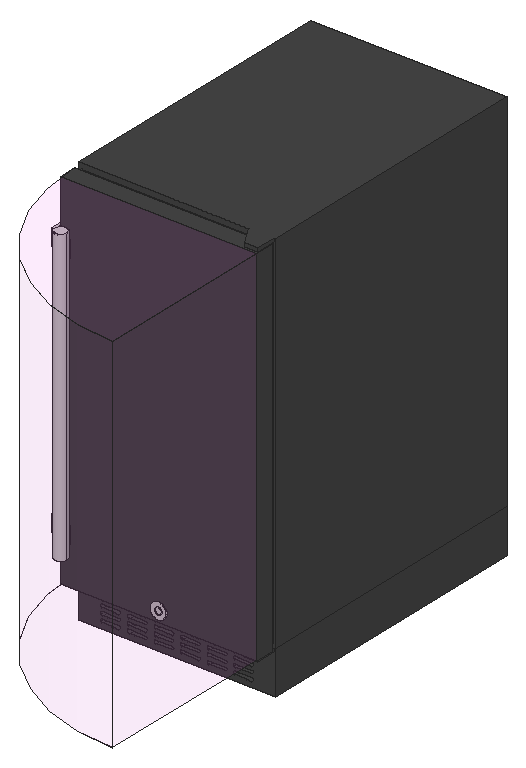
Revit family "QF_Summit_ALR15B_All_Refrigerator", category Specialty Equipment, Revit 2020
Family settings
  Round Connector Dimension = Use Diameter
  Part Type = Normal
  Work Plane-Based = No
  Always vertical = Yes
  Cut with Voids When Loaded = No
  Shared = No
  Room Calculation Point = No
Parameters
  Weight in Pounds = 55
  Watts = Volts * FL Amps  # 115 W
  Volts = 115 V
  URL Cutsheet = ""
  Specification by User = ""
  Specification by Manufacturer = ""
  Show Clearance [instance] = yes
  Serial Number = ""
  Seismic Rating = ""
  SMACNA No = ""
  Revision Code = ""
  Refrigerant Volume = 0.00 kip
  Refrigerant Type = "R600a"
  Phase = 1
  Number of Poles = 1
  NAFEM Spec ID Number = ""
  Model = "ALR15B"
  Min Ckt Ampacity = 0 A
  Max Overcurrent Protection = 0 A
  Masterspec = ""
  Manufacturer = "Summit"
  Length = 14 3/4"
  Item Number = ""
  Installed By = ""
  Identify Quantity as Lot = yes
  Height = 31 1/2"
  HP = ""
  Furnished By = ""
  Foodservice Equipment Identifier = yes
  FL Amps = 1 A
  Electrical Remarks = ""
  Electric Connection Type = ""
  Elec Conn RI Height = 0"
  Elec Conn Connection Height = 0"
  Description = "All Refrigerator"
  Depth = 23 1/2"
  Default Elevation = 0"
  Cycle = 0 Hz
  Conn Plug = ""
  Conn Conduit = yes
  CSI MasterFormat = ""
  BTUH = 0.0 Btu/h
  Apparent Power = if(Phase = 3, Volts * FL Amps * 1.73, Volts * FL Amps)  # 115 VA
Reference planes (in)
  plane 1 "BACK": y = 0
  plane 2: z = 0
  plane 3 "LEFT": x = 0
  plane 4 "RIGHT": x = 14.75
  plane 5 "FRONT": y = -23.5
  plane 6 "TOP": z = 31.5
  plane 7 "Center Y": x = 7.375
  plane 8 "Center X": y = -11.75
Dimensions and locks (in)
  equal spacing: plane 3 "LEFT", plane 7 "Center Y", plane 4 "RIGHT"
  "Length": plane 3 "LEFT" to plane 4 "RIGHT"
  equal spacing: plane 5 "FRONT", plane 8 "Center X", plane 1 "BACK"
  "Depth": plane 5 "FRONT" to plane 1 "BACK"
  "Height": plane 6 "TOP" to level
  aligned and locked: level to plane 2
Nested families (in)
  nested 1: "ALR15B" at (0, 0, 0), Show Clearance <- "Show Clearance", type "ALR15B"
    with Show Clearance yes
Connectors (in)
  electrical at (12.23773, 0.03125, 1.70865), driven by "Volts", driven by "Watts"
    settings: on nested 1, index 1, voltage 115 V, apparent load 115 VA, apparent load phase1 0 VA, apparent load phase2 0 VA, apparent load phase3 0 VA, power factor 1, load classification "Other", number of poles 1, system type 30, power factor state 1, is connector primary yes, connector utility no, sub classification motor no, connector description "ELECTRICAL CONNECTION"
Definition of nested family "ALR15B"
  Parameters (values of type "ALR15B")
    Weight in Pounds = 0
    URL Cutsheet = ""
    Specification by User = ""
    Specification by Manufacturer = ""
    Show Clearance [instance] = yes
    Serial Number = ""
    Seismic Rating = ""
    SMACNA No = ""
    Revision Code = ""
    NAFEM Spec ID Number = ""
    Masterspec = ""
    Length = 14 3/4"
    Item Number = ""
    Installed By = ""
    Identify Quantity as Lot = yes
    Height = 31 1/2"
    Furnished By = ""
    Foodservice Equipment Identifier = yes
    Depth = 23 1/2"
    Default Elevation = 0"
    CSI MasterFormat = ""
  Reference planes (in)
    plane 1 "BACK": y = 0
    plane 2: z = 0
    plane 3 "LEFT": x = 0
    plane 4 "RIGHT": x = 14.75
    plane 5 "FRONT": y = -23.5
    plane 6 "TOP": z = 31.5
    plane 7 "Center Y": x = 7.375
    plane 8 "Center X": y = -11.75
    plane 9: y = -37
  Forms (in)
    Extrusion 1, solid
      sketch origin (-7.61402, -180, 3.875) x (0, -1, 0) y (-1, 0, 0)
        loop
          line (-158.25, -22.36402) -> (-158.25, -7.61402) -> (-180, -7.61402) -> (-180, -22.36402) -> (-158.25, -22.36402)
      from 0 to -27.625
    Extrusion 2, solid
      sketch origin (-1.75913, -180, 31.08935) x (-1, 0, 0) y (0, -1, 0)
        loop
          line (-1.97598, -158.25) -> (-1.97598, -157.875) -> (-16.29038, -157.875) -> (-16.29038, -158.25) -> (-1.97598, -158.25)
      from 0 to -26.9395
    Extrusion 3, solid
      sketch origin (-7.61402, -180, 3.875) x (-1, 0, 0) y (0, -1, 0)
        loop
          line (-7.61402, -156.5) -> (-22.36402, -156.5) -> (-22.36402, -157.875) -> (-7.61402, -157.875) -> (-7.61402, -156.5)
      from 0 to 27.37629
    Extrusion 4, solid
      sketch origin (-7.61402, -180, 0.625) x (-1, 0, 0) y (0, -1, 0)
        loop
          line (-22.36402, -158.25) -> (-22.36402, -180) -> (-7.61402, -180) -> (-7.61402, -158.25) -> (-22.36402, -158.25)
      from 0 to 3.25
    Extrusion 5, solid
      sketch origin (-7.61402, -180, 31.25129) x (-1, 0, 0) y (0, -1, 0)
        loop
          line (-20.36405, -158.24996) -> (-21.26534, -156.74996) -> (-22.26534, -156.74996) -> (-22.26534, -158.24996) -> (-20.36405, -158.24996)
      from 0 to 0.25
    Extrusion 6, solid
      sketch origin (-7.61402, -180, 3.875) x (0, -1, 0) y (-1, 0, 0)
        loop
          line (-158.24996, -20.36405) -> (-158.24996, -22.26534) -> (-156.74996, -22.26534) -> (-156.74996, -21.26534) -> (-158.24996, -20.36405)
      from 0 to 0.25
    Extrusion 7, void
      sketch origin (0, -21.75, 0.625) x (-1, 0, 0) y (0, 0, 1)
        loop
          line (-1.7922, 2.73598) -> (-3.01359, 2.73598)
          arc (-3.01359, 2.73598) -> (-3.15671, 2.59285) -> (-3.01359, 2.44972) r 0.14313
          line (-3.01359, 2.44972) -> (-1.7922, 2.44972)
          arc (-1.7922, 2.44972) -> (-1.64907, 2.59285) -> (-1.7922, 2.73598) r 0.14313
        loop
          line (-1.7922, 2.23598) -> (-3.01359, 2.23598)
          arc (-3.01359, 2.23598) -> (-3.15671, 2.09285) -> (-3.01359, 1.94972) r 0.14313
          line (-3.01359, 1.94972) -> (-1.7922, 1.94972)
          arc (-1.7922, 1.94972) -> (-1.64907, 2.09285) -> (-1.7922, 2.23598) r 0.14313
        loop
          line (-1.7922, 1.73598) -> (-3.01359, 1.73598)
          arc (-3.01359, 1.73598) -> (-3.15671, 1.59285) -> (-3.01359, 1.44972) r 0.14313
          line (-3.01359, 1.44972) -> (-1.7922, 1.44972)
          arc (-1.7922, 1.44972) -> (-1.64907, 1.59285) -> (-1.7922, 1.73598) r 0.14313
        loop
          line (-1.7922, 1.23598) -> (-3.01359, 1.23598)
          arc (-3.01359, 1.23598) -> (-3.15671, 1.09285) -> (-3.01359, 0.94972) r 0.14313
          line (-3.01359, 0.94972) -> (-1.7922, 0.94972)
          arc (-1.7922, 0.94972) -> (-1.64907, 1.09285) -> (-1.7922, 1.23598) r 0.14313
        loop
          line (-1.7922, 0.73598) -> (-3.01359, 0.73598)
          arc (-3.01359, 0.73598) -> (-3.15671, 0.59285) -> (-3.01359, 0.44972) r 0.14313
          line (-3.01359, 0.44972) -> (-1.7922, 0.44972)
          arc (-1.7922, 0.44972) -> (-1.64907, 0.59285) -> (-1.7922, 0.73598) r 0.14313
        loop
          line (-3.7922, 2.73598) -> (-5.01359, 2.73598)
          arc (-5.01359, 2.73598) -> (-5.15671, 2.59285) -> (-5.01359, 2.44972) r 0.14313
          line (-5.01359, 2.44972) -> (-3.7922, 2.44972)
          arc (-3.7922, 2.44972) -> (-3.64907, 2.59285) -> (-3.7922, 2.73598) r 0.14313
        loop
          line (-3.7922, 2.23598) -> (-5.01359, 2.23598)
          arc (-5.01359, 2.23598) -> (-5.15671, 2.09285) -> (-5.01359, 1.94972) r 0.14313
          line (-5.01359, 1.94972) -> (-3.7922, 1.94972)
          arc (-3.7922, 1.94972) -> (-3.64907, 2.09285) -> (-3.7922, 2.23598) r 0.14313
        loop
          line (-3.7922, 1.73598) -> (-5.01359, 1.73598)
          arc (-5.01359, 1.73598) -> (-5.15671, 1.59285) -> (-5.01359, 1.44972) r 0.14313
          line (-5.01359, 1.44972) -> (-3.7922, 1.44972)
          arc (-3.7922, 1.44972) -> (-3.64907, 1.59285) -> (-3.7922, 1.73598) r 0.14313
        loop
          line (-3.7922, 1.23598) -> (-5.01359, 1.23598)
          arc (-5.01359, 1.23598) -> (-5.15671, 1.09285) -> (-5.01359, 0.94972) r 0.14313
          line (-5.01359, 0.94972) -> (-3.7922, 0.94972)
          arc (-3.7922, 0.94972) -> (-3.64907, 1.09285) -> (-3.7922, 1.23598) r 0.14313
        loop
          line (-3.7922, 0.73598) -> (-5.01359, 0.73598)
          arc (-5.01359, 0.73598) -> (-5.15671, 0.59285) -> (-5.01359, 0.44972) r 0.14313
          line (-5.01359, 0.44972) -> (-3.7922, 0.44972)
          arc (-3.7922, 0.44972) -> (-3.64907, 0.59285) -> (-3.7922, 0.73598) r 0.14313
        loop
          line (-5.7922, 2.73598) -> (-7.01359, 2.73598)
          arc (-7.01359, 2.73598) -> (-7.15671, 2.59285) -> (-7.01359, 2.44972) r 0.14313
          line (-7.01359, 2.44972) -> (-5.7922, 2.44972)
          arc (-5.7922, 2.44972) -> (-5.64907, 2.59285) -> (-5.7922, 2.73598) r 0.14313
        loop
          line (-5.7922, 2.23598) -> (-7.01359, 2.23598)
          arc (-7.01359, 2.23598) -> (-7.15671, 2.09285) -> (-7.01359, 1.94972) r 0.14313
          line (-7.01359, 1.94972) -> (-5.7922, 1.94972)
          arc (-5.7922, 1.94972) -> (-5.64907, 2.09285) -> (-5.7922, 2.23598) r 0.14313
        loop
          line (-5.7922, 1.73598) -> (-7.01359, 1.73598)
          arc (-7.01359, 1.73598) -> (-7.15671, 1.59285) -> (-7.01359, 1.44972) r 0.14313
          line (-7.01359, 1.44972) -> (-5.7922, 1.44972)
          arc (-5.7922, 1.44972) -> (-5.64907, 1.59285) -> (-5.7922, 1.73598) r 0.14313
        loop
          line (-5.7922, 1.23598) -> (-7.01359, 1.23598)
          arc (-7.01359, 1.23598) -> (-7.15671, 1.09285) -> (-7.01359, 0.94972) r 0.14313
          line (-7.01359, 0.94972) -> (-5.7922, 0.94972)
          arc (-5.7922, 0.94972) -> (-5.64907, 1.09285) -> (-5.7922, 1.23598) r 0.14313
        loop
          line (-5.7922, 0.73598) -> (-7.01359, 0.73598)
          arc (-7.01359, 0.73598) -> (-7.15671, 0.59285) -> (-7.01359, 0.44972) r 0.14313
          line (-7.01359, 0.44972) -> (-5.7922, 0.44972)
          arc (-5.7922, 0.44972) -> (-5.64907, 0.59285) -> (-5.7922, 0.73598) r 0.14313
        loop
          line (-7.7922, 2.73598) -> (-9.01359, 2.73598)
          arc (-9.01359, 2.73598) -> (-9.15671, 2.59285) -> (-9.01359, 2.44972) r 0.14313
          line (-9.01359, 2.44972) -> (-7.7922, 2.44972)
          arc (-7.7922, 2.44972) -> (-7.64907, 2.59285) -> (-7.7922, 2.73598) r 0.14313
        loop
          line (-7.7922, 2.23598) -> (-9.01359, 2.23598)
          arc (-9.01359, 2.23598) -> (-9.15671, 2.09285) -> (-9.01359, 1.94972) r 0.14313
          line (-9.01359, 1.94972) -> (-7.7922, 1.94972)
          arc (-7.7922, 1.94972) -> (-7.64907, 2.09285) -> (-7.7922, 2.23598) r 0.14313
        loop
          line (-7.7922, 1.73598) -> (-9.01359, 1.73598)
          arc (-9.01359, 1.73598) -> (-9.15671, 1.59285) -> (-9.01359, 1.44972) r 0.14313
          line (-9.01359, 1.44972) -> (-7.7922, 1.44972)
          arc (-7.7922, 1.44972) -> (-7.64907, 1.59285) -> (-7.7922, 1.73598) r 0.14313
        loop
          line (-7.7922, 1.23598) -> (-9.01359, 1.23598)
          arc (-9.01359, 1.23598) -> (-9.15671, 1.09285) -> (-9.01359, 0.94972) r 0.14313
          line (-9.01359, 0.94972) -> (-7.7922, 0.94972)
          arc (-7.7922, 0.94972) -> (-7.64907, 1.09285) -> (-7.7922, 1.23598) r 0.14313
        loop
          line (-7.7922, 0.73598) -> (-9.01359, 0.73598)
          arc (-9.01359, 0.73598) -> (-9.15671, 0.59285) -> (-9.01359, 0.44972) r 0.14313
          line (-9.01359, 0.44972) -> (-7.7922, 0.44972)
          arc (-7.7922, 0.44972) -> (-7.64907, 0.59285) -> (-7.7922, 0.73598) r 0.14313
        loop
          line (-9.7922, 2.73598) -> (-11.01359, 2.73598)
          arc (-11.01359, 2.73598) -> (-11.15671, 2.59285) -> (-11.01359, 2.44972) r 0.14313
          line (-11.01359, 2.44972) -> (-9.7922, 2.44972)
          arc (-9.7922, 2.44972) -> (-9.64907, 2.59285) -> (-9.7922, 2.73598) r 0.14313
        loop
          line (-9.7922, 2.23598) -> (-11.01359, 2.23598)
          arc (-11.01359, 2.23598) -> (-11.15671, 2.09285) -> (-11.01359, 1.94972) r 0.14313
          line (-11.01359, 1.94972) -> (-9.7922, 1.94972)
          arc (-9.7922, 1.94972) -> (-9.64907, 2.09285) -> (-9.7922, 2.23598) r 0.14313
        loop
          line (-9.7922, 1.73598) -> (-11.01359, 1.73598)
          arc (-11.01359, 1.73598) -> (-11.15671, 1.59285) -> (-11.01359, 1.44972) r 0.14313
          line (-11.01359, 1.44972) -> (-9.7922, 1.44972)
          arc (-9.7922, 1.44972) -> (-9.64907, 1.59285) -> (-9.7922, 1.73598) r 0.14313
        loop
          line (-9.7922, 1.23598) -> (-11.01359, 1.23598)
          arc (-11.01359, 1.23598) -> (-11.15671, 1.09285) -> (-11.01359, 0.94972) r 0.14313
          line (-11.01359, 0.94972) -> (-9.7922, 0.94972)
          arc (-9.7922, 0.94972) -> (-9.64907, 1.09285) -> (-9.7922, 1.23598) r 0.14313
        loop
          line (-9.7922, 0.73598) -> (-11.01359, 0.73598)
          arc (-11.01359, 0.73598) -> (-11.15671, 0.59285) -> (-11.01359, 0.44972) r 0.14313
          line (-11.01359, 0.44972) -> (-9.7922, 0.44972)
          arc (-9.7922, 0.44972) -> (-9.64907, 0.59285) -> (-9.7922, 0.73598) r 0.14313
        loop
          line (-11.7922, 2.73598) -> (-13.01359, 2.73598)
          arc (-13.01359, 2.73598) -> (-13.15671, 2.59285) -> (-13.01359, 2.44972) r 0.14313
          line (-13.01359, 2.44972) -> (-11.7922, 2.44972)
          arc (-11.7922, 2.44972) -> (-11.64907, 2.59285) -> (-11.7922, 2.73598) r 0.14313
        loop
          line (-11.7922, 2.23598) -> (-13.01359, 2.23598)
          arc (-13.01359, 2.23598) -> (-13.15671, 2.09285) -> (-13.01359, 1.94972) r 0.14313
          line (-13.01359, 1.94972) -> (-11.7922, 1.94972)
          arc (-11.7922, 1.94972) -> (-11.64907, 2.09285) -> (-11.7922, 2.23598) r 0.14313
        loop
          line (-11.7922, 1.73598) -> (-13.01359, 1.73598)
          arc (-13.01359, 1.73598) -> (-13.15671, 1.59285) -> (-13.01359, 1.44972) r 0.14313
          line (-13.01359, 1.44972) -> (-11.7922, 1.44972)
          arc (-11.7922, 1.44972) -> (-11.64907, 1.59285) -> (-11.7922, 1.73598) r 0.14313
        loop
          line (-11.7922, 1.23598) -> (-13.01359, 1.23598)
          arc (-13.01359, 1.23598) -> (-13.15671, 1.09285) -> (-13.01359, 0.94972) r 0.14313
          line (-13.01359, 0.94972) -> (-11.7922, 0.94972)
          arc (-11.7922, 0.94972) -> (-11.64907, 1.09285) -> (-11.7922, 1.23598) r 0.14313
        loop
          line (-11.7922, 0.73598) -> (-13.01359, 0.73598)
          arc (-13.01359, 0.73598) -> (-13.15671, 0.59285) -> (-13.01359, 0.44972) r 0.14313
          line (-13.01359, 0.44972) -> (-11.7922, 0.44972)
          arc (-11.7922, 0.44972) -> (-11.64907, 0.59285) -> (-11.7922, 0.73598) r 0.14313
      from 0 to 0.69102
    Extrusion 8, solid
      sketch origin (-1.75913, -180, 28) x (-1, 0, 0) y (0, -1, 0)
        loop
          line (-1.75913, -157.1875) -> (-1.50913, -157.1875) -> (-1.50913, -155.9375) -> (-2.54048, -155.21535) -> (-3.29616, -155.21535) -> (-3.29616, -155.46535) -> (-2.66373, -155.46535) -> (-1.75913, -156.09876) -> (-1.75913, -157.1875)
      from 0 to -1.25
    Extrusion 9, solid
      sketch origin (-4.37626, -180, 28.75) x (-1, 0, 0) y (0, -1, 0)
        loop
          circle (-5.6197, -154.95575) r 0.45575
      from 0 to -22
    Extrusion 10, solid
      sketch origin (-1.75913, -180, 8.75) x (-1, 0, 0) y (0, -1, 0)
        loop
          line (-1.75913, -157.1875) -> (-1.50913, -157.1875) -> (-1.50913, -155.9375) -> (-2.54048, -155.21535) -> (-3.29616, -155.21535) -> (-3.29616, -155.46535) -> (-2.66373, -155.46535) -> (-1.75913, -156.09876) -> (-1.75913, -157.1875)
      from 0 to -1.25
    Extrusion 11, solid
      sketch origin (0, -23.5, 3.875) x (1, 0, 0) y (0, 0, 1)
        loop
          circle (7.375, 0.74846) r 0.5959
        loop
          circle (7.375, 0.74846) r 0.25
      from 0 to 0.03125
    Extrusion 12, solid
      sketch origin (0, -23.5, 3.875) x (1, 0, 0) y (0, 0, 1)
        loop
          circle (7.375, 0.74846) r 0.24562
      from 0 to 0.03125
    Revolve 13, solid
      sketch origin (0, -17.75, 0) x (1, 0, 0) y (0, 0, 1)
        loop
          line (1.78125, 0.625) -> (1.78125, 0) -> (2.25, 0) -> (2.42678, 0.17678) -> (2.42678, 0.51508) -> (2.10027, 0.51508) -> (2.10027, 0.625) -> (1.78125, 0.625)
        axis (1.78125, 0) -> (1.78125, 0.625)
      angle from 0 to 360
    Revolve 14, solid
      sketch origin (14.875, -17.75, 0) x (-1, 0, 0) y (0, 0, 1)
        loop
          line (1.78125, 0.625) -> (1.78125, 0) -> (2.25, 0) -> (2.42678, 0.17678) -> (2.42678, 0.51508) -> (2.10027, 0.51508) -> (2.10027, 0.625) -> (1.78125, 0.625)
        axis (1.78125, 0) -> (1.78125, 0.625)
      angle from 0 to 360
    Revolve 15, solid
      sketch origin (0, -4, 0) x (1, 0, 0) y (0, 0, 1)
        loop
          line (1.78125, 0.625) -> (1.78125, 0) -> (2.25, 0) -> (2.42678, 0.17678) -> (2.42678, 0.51508) -> (2.10027, 0.51508) -> (2.10027, 0.625) -> (1.78125, 0.625)
        axis (1.78125, 0) -> (1.78125, 0.625)
      angle from 0 to 360
    Revolve 16, solid
      sketch origin (14.875, -4, 0) x (-1, 0, 0) y (0, 0, 1)
        loop
          line (1.78125, 0.625) -> (1.78125, 0) -> (2.25, 0) -> (2.42678, 0.17678) -> (2.42678, 0.51508) -> (2.10027, 0.51508) -> (2.10027, 0.625) -> (1.78125, 0.625)
        axis (1.78125, 0) -> (1.78125, 0.625)
      angle from 0 to 360
    Extrusion 17, solid
      sketch origin (14.75, 0, 0.625) x (-1, 0, 0) y (0, 0, 1)
        loop
          circle (2.51227, 1.08365) r 0.25
      from 0 to 0.03125
    Extrusion 18, solid, visible <- "Show Clearance"
      sketch origin (-7.61402, -180, 3.875) x (0, -1, 0) y (-1, 0, 0)
        loop
          line (-157.875, -22.36402) -> (-143, -22.36402)
          arc (-143, -22.36402) -> (-147.36428, -11.88975) -> (-157.875, -7.61402) r 14.75
          line (-157.875, -7.61402) -> (-157.875, -22.36402)
      from 0 to -27.37629
  Cuts and joins
    joined: Extrusion 1, Extrusion 5
    Extrusion 7 cuts Extrusion 4
    Extrusion 7 cuts Extrusion 6
    joined: Extrusion 4, Extrusion 6
    joined: Extrusion 8, Extrusion 9, Extrusion 10
  Lines and regions (in)
    symbolic lines
      curve 1: line (0, 0, 0) -> (14.75, 0, 0)
      curve 2: line (0, -21.75, 0) -> (0, 0, 0)
      curve 3: line (12.75, -21.75, 0) -> (0, -21.75, 0)
      curve 4: line (14.75, 0, 0) -> (14.75, -21.75, 0)
      curve 5: line (14.65132, -21.75, 0) -> (14.75, -21.75, 0)
      curve 6: line (14.65132, -21.75, 0) -> (14.65132, -23.25004, 0)
      curve 7: line (14.65132, -23.25004, 0) -> (13.65132, -23.25004, 0)
      curve 8: line (13.65132, -23.25004, 0) -> (12.75, -21.75, 0)
      curve 9: line (14.65132, -22.125, 0) -> (14.75, -22.125, 0)
      curve 10: line (14.75, -22.125, 0) -> (14.75, -23.5, 0)
      curve 11: line (14.75, -23.5, 0) -> (0, -23.5, 0)
      curve 12: line (0, -23.90124, 0) -> (0, -22.125, 0)
      curve 13: line (0, -22.125, 0) -> (12.97532, -22.125, 0)
      curve 14: line (-0.25, -22.8125, 0) -> (0, -22.8125, 0)
      curve 15: line (-0.25, -22.8125, 0) -> (-0.25, -24.0625, 0)
      curve 16: line (-0.25, -24.0625, 0) -> (0.78134, -24.78465, 0)
      curve 17: line (0.78134, -24.78465, 0) -> (0.86886, -24.78465, 0)
      curve 18: line (1.53703, -24.69567, 0) -> (1.53703, -24.53465, 0)
      curve 19: line (1.53703, -24.53465, 0) -> (0.9046, -24.53465, 0)
      curve 20: line (0.9046, -24.53465, 0) -> (0, -23.90124, 0)
      curve 21: arc (1.69919, -25.04425, 0) -> (1.24345, -24.58851, 0) -> (0.7877, -25.04425, 0) r 0.45575
      curve 22: arc (0.7877, -25.04425, 0) -> (1.24345, -25.5, 0) -> (1.69919, -25.04425, 0) r 0.45575
      curve 23: line (0.21685, -21.75, 0) -> (0.21685, -22.125, 0)
    symbolic lines, visible <- "Show Clearance"
      curve 24: arc (1.92194, -29.53128, 0) -> (0.47236, -25.95494, 0) -> (0, -22.125, 0) r 14.75
      curve 25: line (14.75, -22.125, 0) -> (1.92194, -29.53128, 0)
  Dimensions and locks (in)
    equal spacing: plane 3 "LEFT", plane 7 "Center Y", plane 4 "RIGHT"
    "Length": plane 3 "LEFT" to plane 4 "RIGHT"
    equal spacing: plane 5 "FRONT", plane 8 "Center X", plane 1 "BACK"
    "Depth": plane 5 "FRONT" to plane 1 "BACK"
    "Height": plane 6 "TOP" to level
    plane 1 "BACK" to plane 9 = 37"
    aligned and locked: level to plane 2
  Automatic sketch dimensions
    Extrusion 1 sketch curve to Extrusion 3 = 0"  (x2)
    Extrusion 1 sketch curve to Extrusion 3 = 22 1/8"
    Extrusion 1 sketch curve to Extrusion 3 = 3/8"
    plane 4 "RIGHT" to Extrusion 2 sketch curve = 7/32"
    plane 3 "LEFT" to Extrusion 2 sketch curve = 0.21685"
    Extrusion 3 sketch curve to plane 4 "RIGHT" = 0"
    Extrusion 3 sketch curve to plane 3 "LEFT" = 0"
    plane 5 "FRONT" to Extrusion 3 sketch curve = 0"
    plane 1 "BACK" to Extrusion 4 sketch curve = 0"
    Extrusion 4 sketch curve to plane 4 "RIGHT" = 0"
    Extrusion 4 sketch curve to plane 3 "LEFT" = 0"
    Extrusion 5 sketch curve to Extrusion 3 = 0.09868"
    Extrusion 5 sketch curve to Extrusion 3 = 0.24996"
    Extrusion 5 sketch curve to Extrusion 5 sketch curve = 1"
    Extrusion 3 to Extrusion 5 sketch curve = 0.37496"
    Extrusion 5 sketch curve to Extrusion 5 sketch curve = 0.90129"
    Extrusion 6 sketch curve to Extrusion 3 = 0.37496"
    Extrusion 3 to Extrusion 6 sketch curve = 0.09868"
    Extrusion 3 to Extrusion 6 sketch curve = 0.24996"
    Extrusion 6 sketch curve to Extrusion 6 sketch curve = 1"
    Extrusion 6 sketch curve to Extrusion 6 sketch curve = 0.90129"
    Extrusion 7 sketch curve to Extrusion 4 = 0.59285"  (x3)
    Extrusion 7 sketch curve to Extrusion 4 = 1.73641"
    Extrusion 7 sketch curve to Extrusion 4 = 0.80028"
    Extrusion 7 sketch curve to Extrusion 7 sketch curve = 0"  (x43)
    Extrusion 7 sketch curve to Extrusion 7 sketch curve = 1.22139"  (x6)
    Extrusion 7 sketch curve to Extrusion 7 sketch curve = 0.77861"  (x10)
    Extrusion 7 sketch curve to Extrusion 4 = 0.44972"  (x3)
    Extrusion 7 sketch curve to Extrusion 7 sketch curve = 0.14313"  (x30)
    Extrusion 7 sketch curve to Extrusion 7 sketch curve = 0.21375"  (x23)
    Extrusion 8 sketch curve to plane 3 "LEFT" = 0"
    plane 3 "LEFT" to Extrusion 8 sketch curve = 0.78134"
    Extrusion 8 sketch curve to Extrusion 8 sketch curve = 0.12326"
    Extrusion 8 sketch curve to Extrusion 8 sketch curve = 0.63243"
    Extrusion 8 sketch curve to plane 3 "LEFT" = 1/4"
    Extrusion 8 sketch curve to plane 5 "FRONT" = 11/16"
    plane 5 "FRONT" to Extrusion 8 sketch curve = 0.40124"
    Extrusion 8 sketch curve to Extrusion 8 sketch curve = 0.16126"
    Extrusion 8 sketch curve to Extrusion 8 sketch curve = 1/4"
    plane 3 "LEFT" to Extrusion 9 sketch curve = 1.24345"
    Extrusion 10 sketch curve to plane 3 "LEFT" = 0"
    plane 3 "LEFT" to Extrusion 10 sketch curve = 0.78134"
    Extrusion 10 sketch curve to Extrusion 10 sketch curve = 0.12326"
    Extrusion 10 sketch curve to Extrusion 10 sketch curve = 0.63243"
    Extrusion 10 sketch curve to plane 3 "LEFT" = 1/4"
    Extrusion 10 sketch curve to plane 5 "FRONT" = 11/16"
    plane 5 "FRONT" to Extrusion 10 sketch curve = 0.40124"
    Extrusion 10 sketch curve to Extrusion 10 sketch curve = 0.16126"
    Extrusion 10 sketch curve to Extrusion 10 sketch curve = 1/4"
    Extrusion 11 sketch curve to Extrusion 11 sketch curve = 0"  (x2)
    Extrusion 3 to Extrusion 11 sketch curve = 0.74846"
    Extrusion 3 to Extrusion 11 sketch curve = 7 3/8"
    Extrusion 3 to Extrusion 12 sketch curve = 0.74846"
    Extrusion 3 to Extrusion 12 sketch curve = 7 3/8"
    Revolve 13 sketch curve to level = 0"  (x2)
    plane 3 "LEFT" to Revolve 13 sketch curve = 1 25/32"
    Revolve 13 sketch curve to Revolve 13 sketch curve = 0.31902"
    Revolve 13 sketch curve to Revolve 13 sketch curve = 15/32"
    Revolve 13 sketch curve to Revolve 13 sketch curve = 0.3265"
    level to Revolve 13 sketch curve = 0.17678"
    Revolve 13 sketch curve to Revolve 13 sketch curve = 0"
    Revolve 13 sketch curve to Revolve 13 sketch curve = 5/16"
    Revolve 14 sketch curve to level = 0"  (x2)
    Revolve 14 sketch curve to plane 4 "RIGHT" = 1 21/32"
    Revolve 14 sketch curve to Revolve 14 sketch curve = 0.31902"
    Revolve 14 sketch curve to Revolve 14 sketch curve = 15/32"
    Revolve 14 sketch curve to Revolve 14 sketch curve = 0.3265"
    Revolve 14 sketch curve to level = 0.17678"
    Revolve 14 sketch curve to Revolve 14 sketch curve = 0"
    Revolve 14 sketch curve to Revolve 14 sketch curve = 5/16"
    Revolve 15 sketch curve to level = 0"  (x2)
    plane 3 "LEFT" to Revolve 15 sketch curve = 1 25/32"
    Revolve 15 sketch curve to Revolve 15 sketch curve = 0.31902"
    Revolve 15 sketch curve to Revolve 15 sketch curve = 15/32"
    Revolve 15 sketch curve to Revolve 15 sketch curve = 0.3265"
    level to Revolve 15 sketch curve = 0.17678"
    Revolve 15 sketch curve to Revolve 15 sketch curve = 0"
    Revolve 15 sketch curve to Revolve 15 sketch curve = 5/16"
    Revolve 16 sketch curve to level = 0"  (x2)
    Revolve 16 sketch curve to plane 4 "RIGHT" = 1 21/32"
    Revolve 16 sketch curve to Revolve 16 sketch curve = 0.31902"
    Revolve 16 sketch curve to Revolve 16 sketch curve = 15/32"
    Revolve 16 sketch curve to Revolve 16 sketch curve = 0.3265"
    Revolve 16 sketch curve to level = 0.17678"
    Revolve 16 sketch curve to Revolve 16 sketch curve = 0"
    Revolve 16 sketch curve to Revolve 16 sketch curve = 5/16"
    Extrusion 2 sketch curve to plane 5 "FRONT" = 1 3/4"
    Extrusion 2 sketch curve to Extrusion 2 sketch curve = 3/8"
    Extrusion 3 sketch curve to plane 5 "FRONT" = 1 3/8"
    Extrusion 4 sketch curve to plane 5 "FRONT" = 1 3/4"
    plane 5 "FRONT" to Extrusion 8 sketch curve = 1.03465"
    plane 5 "FRONT" to Extrusion 9 sketch curve = 1.54425"
    plane 5 "FRONT" to Extrusion 10 sketch curve = 1.03465"
    Revolve 13 sketch curve to Revolve 13 sketch curve = 0.33831"
    Revolve 13 sketch curve to Revolve 13 sketch curve = 0.10992"
    Revolve 14 sketch curve to Revolve 14 sketch curve = 0.33831"
    Revolve 14 sketch curve to Revolve 14 sketch curve = 0.10992"
    Revolve 15 sketch curve to Revolve 15 sketch curve = 0.33831"
    Revolve 15 sketch curve to Revolve 15 sketch curve = 0.10992"
    Revolve 16 sketch curve to Revolve 16 sketch curve = 0.33831"
    Revolve 16 sketch curve to Revolve 16 sketch curve = 0.10992"
    Extrusion 4 to Extrusion 17 sketch curve = 1.08365"
    Extrusion 4 to Extrusion 17 sketch curve = 2.51227"
    Extrusion 18 sketch curve to Extrusion 3 = 0"  (x3)
    Extrusion 3 to Extrusion 18 sketch curve = 0.00053"
    Extrusion 3 to Extrusion 18 sketch curve = 1/8"
    curve 3 to plane 3 "LEFT" = 0"
    curve 24 to plane 3 "LEFT" = 0"
    curve 10 to plane 4 "RIGHT" = 0"
    curve 5 to plane 4 "RIGHT" = 0"
    plane 9 to curve 24 = 7.46872"
    plane 5 "FRONT" to curve 11 = 0"
    plane 1 "BACK" to curve 2 = 0"
    curve 15 to plane 3 "LEFT" = 1/4"
    plane 3 "LEFT" to curve 17 = 0.78134"
    curve 16 to curve 19 = 0.12326"
    curve 16 to curve 22 = 0.4621"
    curve 21 to curve 18 = 0.29358"
    plane 4 "RIGHT" to curve 3 = 2"
    curve 7 to plane 5 "FRONT" = 0.24996"
    plane 4 "RIGHT" to curve 7 = 1.09868"
    plane 4 "RIGHT" to curve 6 = 0.09868"
    plane 4 "RIGHT" to curve 24 = 0.00053"
    plane 5 "FRONT" to curve 22 = 1.54425"
    curve 21 to curve 17 = 0.2596"
    curve 17 to curve 19 = 1/4"
    plane 5 "FRONT" to curve 15 = 9/16"
    curve 15 to curve 20 = 0.16126"
    curve 15 to plane 5 "FRONT" = 11/16"
    curve 6 to curve 24 = 1.00004"
    curve 24 to curve 10 = 1/8"
    curve 9 to curve 4 = 3/8"
    curve 12 to curve 3 = 3/8"
    curve 24 to curve 23 = 0.21685"
    curve 16 to curve 21 = 0.00636"
    plane 3 "LEFT" to curve 25 = 1.92194"
    radius of Extrusion 9 sketch curve = 0.45575"
    radius of Extrusion 11 sketch curve = 0.5959"
    radius of Extrusion 11 sketch curve = 1/4"
    radius of Extrusion 12 sketch curve = 0.24562"
    radius of Extrusion 17 sketch curve = 1/4"
